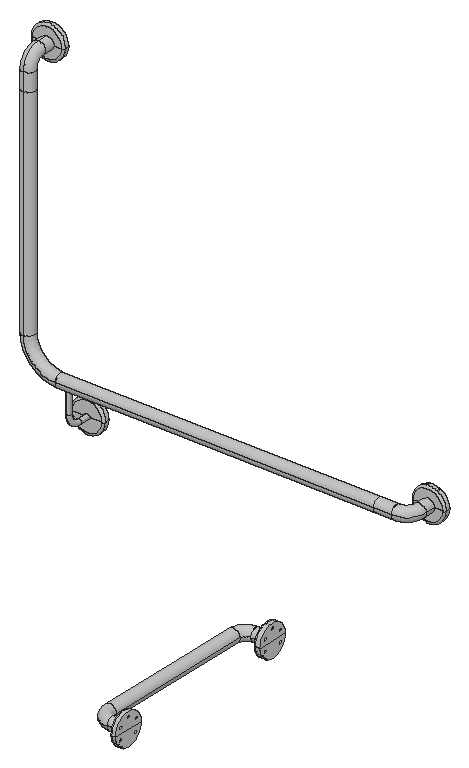
Revit family "RBA4090-346", category Plumbing Fixtures, Revit 2021
Family settings
  Round Connector Dimension = Use Diameter
  Part Type = Normal
  Work Plane-Based = No
  Always vertical = No
  Cut with Voids When Loaded = No
  Shared = No
  Room Calculation Point = No
Parameters (values of type "RBA4090-346")
  Watermarked By = "www.rba.com.au"
  URL = "http://www.rba.com.au/accessible-disabled/grab-rails"
  Phone Number = "1300 788 778"
  OFFSET = 800.00 mm
  Modified Issue = "20170620"
  Model = "RBA4090-346"
  Manufacturer Model = ""
  Manufacturer = "RBA Group"
  Distance Away from Wall = 100.00 mm
  Distance Away from Toilet = 1090.00 mm
  Description = "90° WC Grab Rail Set - Right Hand, 450 Straight"
  Default Elevation = 0.00 mm
  Copyrighted by = "RBA Group"  # constant formula
  BAR = Stainless Steel, Satin Finish
  Assembly Code = ""
Reference planes
  plane 1 "Center (Front/Back)": y = 0
  plane 2: z = 0
  plane 3: x = 40.5
  plane 4: z = 800
  plane 5: z = 1500
  plane 6: x = 990.5
  plane 7: z = 700
  plane 8: x = 140.5
  plane 9: x = 1090.5
  plane 10: y = -89
  plane 11: y = -57
  plane 12: y = -1090
  plane 13: y = -1074
Dimensions and locks
  "OFFSET": plane 4 to plane 2
  plane 11 to plane 1 "Center (Front/Back)" = 57.00 mm
  plane 10 to plane 1 "Center (Front/Back)" = 89.00 mm
  "Distance Away from Wall": plane 6 to plane 9
  locked: plane 13 to plane 12 at 16
  "Distance Away from Toilet": plane 12 to plane 1 "Center (Front/Back)"
  aligned and locked: plane 3 to nested 1
  aligned and locked: plane 4 to nested 1
  aligned and locked: nested 2 to plane 9
  aligned and locked: plane 4 to nested 2
  aligned and locked: plane 13 to nested 2
Nested families
  nested 1: "RBA4090-911" at (950, 0, 800), type "RBA4090-911"
  nested 2: "RBA4000-000" at (1090.5, -2002, 800) x (0, 1, 0) z (0, 0, -1), type "RBA4000-045"
    with Length of Rail 450.00 mm
Definition of nested family "RBA4090-911"
  Parameters (values of type "RBA4090-911")
    Watermarked By = "www.rba.com.au"
    URL = "http://www.rba.com.au/accessible-disabled/grab-rails"
    R_Void [instance] = 15.00 mm
    R [instance] = 0.00 mm
    Phone Number = "1300 788 778"
    Model = "RBA4090-911"
    Manufacturer Model = "B819435"
    Manufacturer = "Bobrick"
    Description = "90° Angled Grab Rail"
    Default Elevation = 0.00 mm
    Copyrighted by = "RBA Group"  # constant formula
    BAR = none
    Assembly Code = ""
  Reference planes
    plane 1 "Center (Front/Back)": y = 0
    plane 2: z = 0
    plane 3: x = 40.5
    plane 4: z = 670
    plane 5: z = 730
    plane 6: x = -879.5
    plane 7: x = -939.5
    plane 8: z = 700
    plane 9: z = -100
    plane 10: x = 40.5
    plane 11: z = 670
    plane 12: z = 730
    plane 13: x = -939.5
    plane 14: x = -879.5
    plane 15: z = -130
    plane 16: z = -70
    plane 17: x = -839.5
    plane 18: x = -779.5
    plane 19: z = -100
    plane 20: x = -909.5
    plane 21: x = -809.5
    plane 22: z = 700
    plane 23: z = -30
    plane 24: z = 30
    plane 25: x = 70.5
    plane 26: x = 10.5
    plane 27: z = -30
    plane 28: z = 30
    plane 29: x = 10.5
    plane 30: x = 70.5
  Forms (mm)
    Extrusion 1, solid
      sketch origin (-909.5, -2.628, 1015.907) x (0, 0, -1) y (-1, 0, 0)
        loop
          circle (315.907, 0) r 40
      from -0.219 to 2.628
    Revolve 2, solid
      sketch origin (40.5, 18.663, 0) x (0, -1, 0) y (1, 0, 0)
        loop
          line (18.663, 0) -> (18.663, -41.5) -> (27.844, -41.5)
          arc (27.844, -41.5) -> (31.337, -40.077) -> (32.842, -36.617) r 5
          line (32.842, -36.617) -> (33.701, 0) -> (18.663, 0)
        axis (18.663, 0) -> (33.701, 0)
      angle from 0 to 360
    Extrusion 3, void
      sketch origin (-909.5, 34.941, 1015.907) x (0, 0, -1) y (-1, 0, 0)
        loop
          circle (315.907, -30) r 5
        loop
          circle (315.907, 30) r 5
      from -37.788 to -30
    Extrusion 4, solid
      sketch origin (-909.5, -2.628, 1015.907) x (0, 0, -1) y (-1, 0, 0)
        loop
          circle (315.907, 0) r 40
      from -0.219 to 2.628
    Extrusion 5, void
      sketch origin (-909.5, 34.941, 1015.907) x (0, 0, -1) y (-1, 0, 0)
        loop
          circle (315.907, 30) r 5
        loop
          circle (315.907, -30) r 5
      from -37.788 to -30
    Sweep 6, solid
      path origin (40.5, 9.454, 0) x (0, -1, 0) y (1, 0, 0)
        loop
          line (12.302, 0) -> (50.454, 0)
          arc (50.454, 0) -> (73.082, -9.373) -> (82.454, -32) r 32
          line (82.454, -32) -> (82.454, -76)
      profile origin (40.5, -21.924, 0) x (1, 0, 0) y (0, 0, 1)
        loop
          circle (0, 0) r 16
    Extrusion 7, solid
      sketch origin (-909.5, -2.628, 1015.907) x (0, 0, -1) y (-1, 0, 0)
        loop
          circle (315.907, 0) r 40
      from -0.219 to 2.628
    Sweep 8, solid
      path origin (-1609.5, 9.454, 700) x (0, -1, 0) y (0, 0, -1)
        loop
          line (12.302, 0) -> (50.454, 0)
          arc (50.454, 0) -> (73.082, 9.373) -> (82.454, 32) r 32
          line (82.454, 32) -> (82.454, 76)
      profile origin (-1609.5, -21.924, 700) x (0, 0, -1) y (1, 0, 0)
        loop
          circle (0, 700) r 16
    Revolve 9, solid
      sketch origin (-909.5, 18.663, 700) x (0, -1, 0) y (1, 0, 0)
        loop
          line (18.663, 0) -> (18.663, -41.5) -> (27.844, -41.5)
          arc (27.844, -41.5) -> (31.337, -40.077) -> (32.842, -36.617) r 5
          line (32.842, -36.617) -> (33.701, 0) -> (18.663, 0)
        axis (18.663, 0) -> (33.701, 0)
      angle from 0 to 360
    Sweep 10, solid
      path origin (81, 0, 0) x (-1, 0, 0) y (0, 0, 1)
        loop
          line (116.5, 0) -> (910.5, 0)
          arc (910.5, 0) -> (967.069, 23.431) -> (990.5, 80) r 80
          line (990.5, 80) -> (990.5, 624)
      profile origin (-432.5, 0, 0) x (0, 0, -1) y (0, -1, 0)
        loop
          circle (0, 73) r 16
    Extrusion 11, solid
      sketch origin (-809.5, -2.628, 215.907) x (0, 0, -1) y (-1, 0, 0)
        loop
          circle (315.907, 0) r 40
      from -0.219 to 2.628
    Revolve 12, solid
      sketch origin (-809.5, 18.663, -100) x (0, -1, 0) y (1, 0, 0)
        loop
          line (18.663, 0) -> (33.701, 0) -> (32.842, 36.617)
          arc (32.842, 36.617) -> (31.337, 40.077) -> (27.844, 41.5) r 5
          line (27.844, 41.5) -> (18.663, 41.5) -> (18.663, 0)
        axis (18.663, 0) -> (33.701, 0)
      angle from 0 to 360
    Sweep 13, solid
      path origin (-809.5, 9.454, -100) x (0, -1, 0) y (0, 0, 1)
        loop
          line (12.302, 0) -> (50.454, 0)
          arc (50.454, 0) -> (73.082, 9.373) -> (82.454, 32) r 32
          line (82.454, 32) -> (82.454, 100)
      profile origin (-809.5, -21.924, -100) x (0, 0, 1) y (-1, 0, 0)
        loop
          circle (0, 0) r 6
    Extrusion 14, void
      sketch origin (-809.5, 34.941, 215.907) x (0, 0, -1) y (-1, 0, 0)
        loop
          circle (315.907, 30) r 5
        loop
          circle (315.907, -30) r 5
      from -37.788 to -30
    Extrusion 15, solid
      sketch origin (40.5, -2.628, 315.907) x (0, 0, -1) y (-1, 0, 0)
        loop
          circle (315.907, 0) r 40
      from -0.219 to 2.628
    Extrusion 16, void
      sketch origin (40.5, 34.941, 315.907) x (0, 0, -1) y (-1, 0, 0)
        loop
          circle (315.907, -30) r 5
        loop
          circle (315.907, 30) r 5
      from -37.788 to -34.941
    Extrusion 17, solid
      sketch origin (40.5, -2.628, 315.907) x (0, 0, -1) y (-1, 0, 0)
        loop
          circle (315.907, 0) r 40
      from -0.219 to 2.628
    Extrusion 18, void
      sketch origin (40.5, 34.941, 315.907) x (0, 0, -1) y (-1, 0, 0)
        loop
          circle (315.907, 30) r 5
        loop
          circle (315.907, -30) r 5
      from -37.788 to -34.941
    Extrusion 19, solid
      sketch origin (40.5, -2.628, 315.907) x (0, 0, -1) y (-1, 0, 0)
        loop
          circle (315.907, 0) r 40
      from -0.219 to 2.628
  Cuts and joins
    Extrusion 3, Extrusion 5, Extrusion 16, Extrusion 18 cuts Extrusion 1
    Extrusion 5, Extrusion 16, Extrusion 18 cuts Extrusion 4
    Extrusion 3, Extrusion 5, Extrusion 18 cuts Revolve 2
    Extrusion 5, Extrusion 16 cuts Revolve 9
    Extrusion 14 cuts Revolve 12
    joined: Revolve 2, Sweep 6, Sweep 8, Revolve 9, Sweep 10, Revolve 12, Sweep 13
    Extrusion 14 cuts Extrusion 11
    Extrusion 5, Extrusion 16 cuts Extrusion 7
    Extrusion 16 cuts Extrusion 15
    Extrusion 16 cuts Extrusion 17
    Extrusion 16, Extrusion 18 cuts Extrusion 19
  Dimensions and locks
    Revolve 2 sketch curve to Revolve 2 sketch curve = 41.50 mm
    plane 5 to plane 4 to level = 60.00 mm, 670.00 mm
    plane 7 to plane 6 = 60.00 mm
    plane 12 to plane 11 = 60.00 mm
    plane 13 to plane 14 = 60.00 mm
    Revolve 9 sketch curve to Revolve 9 sketch curve = 41.50 mm
    Revolve 12 sketch curve to Revolve 12 sketch curve = 41.50 mm
    plane 16 to plane 15 = 60.00 mm
    plane 17 to plane 18 = 60.00 mm
    plane 22 to plane 2 = 700.00 mm
    plane 10 to plane 20 = 950.00 mm
    plane 21 to plane 20 = 100.00 mm
    plane 2 to plane 19 = 100.00 mm
    plane 24 to plane 23 = 60.00 mm
    plane 26 to plane 25 = 60.00 mm
    plane 28 to plane 27 = 60.00 mm
    plane 29 to plane 30 = 60.00 mm
    radius of Extrusion 1 sketch curve = 40.00 mm
    radius of Extrusion 4 sketch curve = 40.00 mm
    radius of Sweep 6 sketch curve = 16.00 mm
    radius of Extrusion 7 sketch curve = 40.00 mm
    radius of Sweep 8 sketch curve = 16.00 mm
    radius of Extrusion 11 sketch curve = 40.00 mm
    radius of Sweep 13 sketch curve = 6.00 mm
    radius of Extrusion 15 sketch curve = 40.00 mm
    radius of Extrusion 17 sketch curve = 40.00 mm
    radius of Extrusion 19 sketch curve = 40.00 mm
    aligned and locked: Extrusion 1 to Revolve 2
    aligned and locked: Revolve 12 to Extrusion 11
Definition of nested family "RBA4000-000"
  Parameters (values of type "RBA4110-923")
    Watermarked By = "www.rba.com.au"
    URL = "http://www.rba.com.au/accessible-disabled/grab-rails"
    Length of Rail = 1500.00 mm
    Phone Number = "1300 788 778"
    Model = "RBA4110-923"
    Manufacturer = "RBA GROUP"
    Description = "90deg Angled Shower Grab Rail"
    Default Elevation = 1219.20 mm
    Copyrighted By = "RBA Group"  # constant formula
    BAR = none
    Assembly Code = ""
  Reference planes
    plane 1 "Center (Front/Back)": y = 0
    plane 2: x = -122
    plane 3: x = 1378
    plane 4: z = 0
    plane 5: through (1334.776, 25.441, -51.059) normal (-0.515, 0, 0.8572)
    plane 6: through (1450.22, 25.441, 99.629) normal (0.8572, 0, 0.515)
    plane 7: through (1403.075, 25.441, 71.301) normal (0.8572, 0, 0.515)
    plane 8: y = -89
    plane 9: y = -57
  Forms (mm)
    Sweep 1, solid
      path origin (1651.954, -750, 0) x (-1, 0, 0) y (0, -1, 0)
        loop
          line (1773.954, -740) -> (1773.954, -711)
          arc (1773.954, -711) -> (1763.996, -686.958) -> (1739.954, -677) r 34
          line (1739.954, -677) -> (305.954, -677)
          arc (305.954, -677) -> (283.327, -686.373) -> (273.954, -709) r 32
          line (273.954, -709) -> (273.954, -740)
      profile origin (629, -73, 0) x (0, 1, 0) y (0, 0, 1)
        loop
          circle (0, 0) r 16
    Extrusion 2, solid
      sketch origin (640.5, -2.628, 315.907) x (0, 0, -1) y (-1, 0, 0)
        loop
          circle (315.907, 762.5) r 37.5
      from -7.372 to 2.628
    Revolve 3, solid
      sketch origin (640.5, 18.663, 0) x (0, -1, 0) y (1, 0, 0)
        loop
          line (18.663, -762.5) -> (33.818, -762.5) -> (33.018, -728.383)
          arc (33.018, -728.383) -> (31.513, -724.923) -> (28.02, -723.5) r 5
          line (28.02, -723.5) -> (18.663, -723.5) -> (18.663, -762.5)
        axis (18.663, -762.5) -> (33.818, -762.5)
      angle from 0 to 360
    Extrusion 4, void
      sketch origin (215.296, 34.941, 270.785) x (0.515038, 0, -0.857167) y (-0.857167, 0, -0.515038)
        loop
          circle (56.376, 401.157) r 5
        loop
          circle (58.388, 456.084) r 5
      from -46.533 to -34.941
    Extrusion 5, solid
      sketch origin (1315.5, -2.628, 315.907) x (0, 0, -1) y (-1, 0, 0)
        loop
          circle (315.907, -62.5) r 37.5
      from -7.372 to 2.628
    Revolve 6, solid
      sketch origin (1315.5, 18.663, 0) x (0, -1, 0) y (1, 0, 0)
        loop
          line (18.663, 62.5) -> (36.046, 62.5) -> (35.246, 96.617)
          arc (35.246, 96.617) -> (33.742, 100.077) -> (30.248, 101.5) r 5
          line (30.248, 101.5) -> (18.663, 101.5) -> (18.663, 62.5)
        axis (18.663, 62.5) -> (36.046, 62.5)
      angle from 0 to 360
    Extrusion 7, void
      sketch origin (1315.296, 34.941, 270.785) x (0.515038, 0, -0.857167) y (-0.857167, 0, -0.515038)
        loop
          circle (264.403, 58.217) r 5
        loop
          circle (264.403, 113.217) r 5
      from -44.941 to -34.941
    Extrusion 8, void
      sketch origin (978, 0, 1415.907) x (0, 0, 1) y (-1, 0, 0)
        loop
          circle (-1430.457, -424.215) r 5
        loop
          circle (-1401.357, -375.785) r 5
        loop
          circle (-1444.157, -400) r 5
      from 0 to 5
    Extrusion 9, void
      sketch origin (815.5, 0, 1415.907) x (0, 0, 1) y (-1, 0, 0)
        loop
          circle (-1430.457, 913.285) r 5
        loop
          circle (-1444.157, 937.5) r 5
        loop
          circle (-1401.357, 961.715) r 5
      from 0 to 5
  Cuts and joins
    Extrusion 4, Extrusion 9 cuts Extrusion 2
    Extrusion 4, Extrusion 9 cuts Revolve 3
    Extrusion 7, Extrusion 8 cuts Extrusion 5
    Extrusion 7, Extrusion 8 cuts Revolve 6
  Dimensions and locks
    locked: Revolve 3 sketch curve to Revolve 3 sketch curve at 39
    locked: Revolve 6 sketch curve to Revolve 6 sketch curve at 39
    plane 7 to plane 6 = 55.00 mm
    locked: plane 3 to Extrusion 5 sketch curve
    locked: Extrusion 5 sketch curve to plane 4
    locked: Extrusion 8 sketch curve to plane 3 at 24.215
    locked: Extrusion 8 sketch curve to plane 4 at 14.55
    locked: plane 3 to Extrusion 7 sketch curve at 23.572
    locked: Extrusion 7 sketch curve to plane 4 at 14.164
    plane 1 "Center (Front/Back)" to Revolve 6 sketch curve = 17.383 mm
    locked: Extrusion 2 sketch curve to plane 2
    locked: Extrusion 2 sketch curve to plane 4 at 0
    locked: plane 2 to Extrusion 9 sketch curve at 24.215
    locked: plane 4 to Extrusion 9 sketch curve at 14.55
    locked: Extrusion 8 sketch curve to plane 3 at 0
    locked: plane 3 to Extrusion 8 sketch curve at 24.215
    locked: Extrusion 8 sketch curve to plane 4 at 28.25
    locked: plane 4 to Extrusion 8 sketch curve at 14.55
    locked: plane 4 to Extrusion 7 sketch curve at 14.164
    locked: Extrusion 7 sketch curve to plane 3 at 23.572
    locked: Revolve 6 sketch curve to plane 3 at 34.117
    plane 1 "Center (Front/Back)" to Revolve 6 sketch curve = 16.583 mm
    locked: plane 1 "Center (Front/Back)" to cut or joined group of Revolve 6, Extrusion 7, Extrusion 8 at 0
    locked: plane 1 "Center (Front/Back)" to plane 9 at 57
    locked: plane 1 "Center (Front/Back)" to plane 8 at 89
    locked: level to Sweep 1 sketch curve at 0
    equal spacing: plane 9, profile plane, plane 8
    equal spacing: plane 8, Sweep 1 sketch curve, plane 9
    "Length of Rail": plane 3 to plane 2
    radius of Sweep 1 sketch curve = 16.00 mm
    aligned and locked: Extrusion 2 to Revolve 3
    aligned and locked: Extrusion 5 to Revolve 6
    aligned and locked: Extrusion 2 to Extrusion 4
    aligned and locked: Extrusion 5 to Extrusion 7
    aligned and locked: Sweep 1 to Extrusion 7
    aligned and locked: plane 3 to Sweep 1 sketch curve
    aligned and locked: cut or joined group of Extrusion 5, Extrusion 7, Extrusion 8 to Sweep 1 sketch curve
    aligned and locked: Sweep 1 sketch curve to plane 2
    aligned and locked: cut or joined group of Extrusion 2, Extrusion 4, Extrusion 9 to Sweep 1 sketch curve
    aligned and locked: Revolve 3 sketch curve to plane 2  (x2)
  Automatic sketch dimensions
    Sweep 1 sketch curve to plane 9 = 16.00 mm
    Sweep 1 sketch curve to plane 9 = 18.00 mm
    Sweep 1 sketch curve to profile plane = 0.00 mm
    plane 1 "Center (Front/Back)" to Revolve 3 sketch curve = 0.00 mm
    plane 1 "Center (Front/Back)" to Revolve 3 sketch curve = 9.356 mm
    Revolve 3 sketch curve to Revolve 3 sketch curve = 4.999 mm
    plane 1 "Center (Front/Back)" to Revolve 3 sketch curve = 15.155 mm
    Revolve 3 sketch curve to Revolve 3 sketch curve = 5.00 mm
    Revolve 3 sketch curve to Revolve 3 sketch curve = 21.537 mm
    Revolve 3 sketch curve to plane 9 = 13.537 mm
    level to Extrusion 4 sketch curve = 15.85 mm
    plane 2 to Extrusion 4 sketch curve = 22.473 mm
    Extrusion 4 sketch curve to Extrusion 4 sketch curve = 2.012 mm
    Extrusion 4 sketch curve to Extrusion 4 sketch curve = 54.926 mm
    Revolve 6 sketch curve to plane 3 = 0.00 mm  (x2)
    plane 1 "Center (Front/Back)" to Revolve 6 sketch curve = 0.00 mm
    Revolve 6 sketch curve to Revolve 6 sketch curve = 4.999 mm
    Revolve 6 sketch curve to plane 1 "Center (Front/Back)" = 21.537 mm
    Revolve 6 sketch curve to plane 9 = 13.537 mm
    Extrusion 9 sketch curve to plane 2 = 0.00 mm
    Extrusion 9 sketch curve to level = 14.55 mm
    Extrusion 9 sketch curve to Extrusion 9 sketch curve = 13.70 mm
    plane 2 to Extrusion 9 sketch curve = 24.215 mm
    radius of Extrusion 2 sketch curve = 37.50 mm
    radius of Extrusion 4 sketch curve = 5.00 mm  (x2)
    radius of Extrusion 5 sketch curve = 37.50 mm
    radius of Extrusion 7 sketch curve = 5.00 mm  (x2)
    radius of Extrusion 8 sketch curve = 5.00 mm  (x3)
    radius of Extrusion 9 sketch curve = 5.00 mm  (x3)
  Nested families
    nested 1: "FamilyID" at (1.5, 0, 0), type "FamilyID"
  Definition of nested family "FamilyID"
    Reference planes
      plane 1: y = 0
      plane 2: x = 0
    Text (mm)
      text "RBA COPYRIGHT" at (0.001, 0.001, 0)
